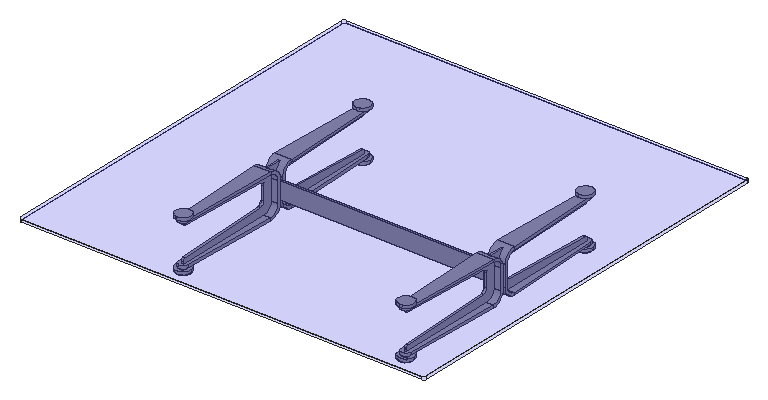
Revit family "Floyd Hi tavolino", category Arredi, Revit 2017
Family settings
  Numero OmniClass = 23.40.20.00
  Titolo OmniClass = General Furniture and Specialties
  Basato su piano di lavoro = No
  Sempre verticale = Sì
  Taglio con vuoti quando caricato = No
  Condiviso = No
  Punto di calcolo locali = No
Parameters (values of type "145x145")
  interasse gambe = 79.5 cm
  URL = "http://www.livingdivani.it"
  Modello = "Floyd Hi table 145x145"
  Mat. Struttura = Acciaio - Lucido
  Produttore = "LivingDivani"
  Mat. Piano = Vetro
  Lunghezza = 145 cm
  Larghezza = 145 cm
  Codice Prodotto = "FLHV145"
Types (5, lengths in cm): name | interasse gambe | Modello | Lunghezza | Larghezza | Codice Prodotto
  (no name) | 79.5 | "Floyd Hi table 145x145" | 145 | 145 | "FLHV145"
  160x160 | 79.5 | "Floyd Hi table 160x160" | 160 | 160 | "FLHV160"
  160x92 | 114 | "Floy Hi table 160x92" | 160 | 92 | "FLHV16092"
  145x145 | 79.5 | "Floyd Hi table 145x145" | 145 | 145 | "FLHV145"
  92x92 | 46 | "Floyd Hi table 92x92" | 92 | 92 | "FLHV092"
Reference planes (cm)
  plane 1 "Centro (Fronte/Retro)": y = 0
  plane 2: z = 0
  plane 3 "Centro (Sinistra/Destra)": x = 0
  plane 4 "diagonale": through (426.72, 29, 68) normal (0, 0.0613, -0.9981)
  plane 5 "gamba sx": x = -39.75
  plane 6 "gamba dx": x = 39.75
  plane 7 "sottopiano": z = 18.3
  plane 8: z = 19.5
  plane 9: z = 1.6
  plane 10: z = 1.1
  plane 11: z = 0.35
  plane 12: z = 17.5
  plane 13: z = 17
  plane 14: z = 12.3
  plane 15: z = 6.3
Forms (cm)
  Extrusion 1, solid, material "Acciaio - Lucido" <- "Mat. Struttura"
    sketch origin (0, 0, 0) x (1, 0, 0) y (0, 0, 1)
      loop
        line (-39.35, 12.3) -> (-39.35, 6.3) -> (39.35, 6.3) -> (39.35, 12.3) -> (-39.35, 12.3)
    from 0.4 to -0.4
  Extrusion 2, solid, material "Vetro" <- "Mat. Piano"
    sketch origin (0, 0, 18.3) x (0, -1, 0) y (1, 0, 0)
      loop
        arc (-72.5, -71.5) -> (-72.2071, -72.2071) -> (-71.5, -72.5) r 1
        line (-71.5, -72.5) -> (71.5, -72.5)
        arc (71.5, -72.5) -> (72.2071, -72.2071) -> (72.5, -71.5) r 1
        line (72.5, -71.5) -> (72.5, 71.5)
        arc (72.5, 71.5) -> (72.2071, 72.2071) -> (71.5, 72.5) r 1
        line (71.5, 72.5) -> (-71.5, 72.5)
        arc (-71.5, 72.5) -> (-72.2071, 72.2071) -> (-72.5, 71.5) r 1
        line (-72.5, 71.5) -> (-72.5, -71.5)
    from 1.2 to 0
Dimensions and locks (cm)
  equal spacing: plane 5 "gamba sx", plane 3 "Centro (Sinistra/Destra)", plane 6 "gamba dx"
  "interasse gambe": plane 5 "gamba sx" to plane 6 "gamba dx"
  equal spacing: Extrusion 2 sketch curve, plane 3 "Centro (Sinistra/Destra)", Extrusion 2 sketch curve
  equal spacing: Extrusion 2 sketch curve, plane 1 "Centro (Fronte/Retro)", Extrusion 2 sketch curve
  "Lunghezza": Extrusion 2 sketch curve to Extrusion 2 sketch curve
  "Larghezza": Extrusion 2 sketch curve to Extrusion 2 sketch curve
  aligned and locked: level to plane 2
  aligned and locked: plane 5 "gamba sx" to nested 1
  aligned and locked: plane 6 "gamba dx" to nested 2
  aligned and locked: Extrusion 1 sketch curve to plane 15
  aligned and locked: plane 14 to Extrusion 1 sketch curve
  aligned and locked: nested 1 to Extrusion 1 sketch curve
  aligned and locked: nested 2 to Extrusion 1 sketch curve
  aligned and locked: Extrusion 2 to plane 8
  aligned and locked: plane 7 "sottopiano" to Extrusion 2
Automatic sketch dimensions
  Extrusion 2 sketch curve to Extrusion 2 sketch curve = 1 cm  (x4)
Nested families (cm)
  nested 1: "gamba_Floyd Hi tavolino" at (-39.75, 0, 0), type "gamba_Floyd Hi tavolino"
  nested 2: "gamba_Floyd Hi tavolino" at (39.75, 0, 0), type "gamba_Floyd Hi tavolino"
Definition of nested family "gamba_Floyd Hi tavolino"
  Parameters (values of type "gamba_Floyd Hi tavolino")
    URL = "http://www.livingdivani.it"
    Model = "Maja D Armchair"
    Mat. Tessuto = none
    Mat. Struttura = none
    Manufacturer = "LivingDivani"
    Mat. Piano = none
    Codice Prodotto = "MAJVP058C\r\nMAJVP058C\r\nMAJVP058C"
  Reference planes (cm)
    plane 1 "Centro (Fronte/Retro)": y = 0
    plane 2: z = 0
    plane 3 "Centro (Sinistra/Destra)": x = 0
    plane 4 "diagonale": through (426.72, 29, 68) normal (0, 0.0613, -0.9981)
    plane 5 "sottopiano": z = 18.3
    plane 6: z = 19.5
    plane 7: y = 40
    plane 8: y = -40
    plane 9: z = 1.6
    plane 10: z = 1.1
    plane 11: z = 0.35
    plane 12: z = 17.5
    plane 13: z = 17
    plane 14: z = 12.3
    plane 15: z = 6.3
  Forms (cm)
    Sweep 1, solid, material <- "Mat. Struttura"
      path origin (0, 0, 0) x (0, 1, 0) y (0, 0, 1)
        loop
          line (-41.75, 1.6) -> (-4.6, 1.6)
          arc (-4.6, 1.6) -> (-1.7716, 2.7716) -> (-0.6, 5.6) r 4
          line (-0.6, 5.6) -> (-0.6, 13)
          arc (-0.6, 13) -> (-1.7716, 15.8284) -> (-4.6, 17) r 4
          line (-4.6, 17) -> (-41.75, 17)
      profile origin (0, -23.175, 17) x (0, 0, -1) y (1, 0, 0)
        loop
          line (0, -3) -> (0.8, -3) -> (0.8, 3) -> (0, 3) -> (0, -3)
    Extrusion 2, solid, material <- "Mat. Struttura"
      sketch origin (0, 0, 0) x (0, 1, 0) y (0, 0, 1)
        loop
          line (-41.75, 16.2) -> (-41.75, 2.4) -> (-4.6, 2.4)
          arc (-4.6, 2.4) -> (-2.3373, 3.3373) -> (-1.4, 5.6) r 3.2
          line (-1.4, 5.6) -> (-1.4, 13)
          arc (-1.4, 13) -> (-2.3373, 15.2627) -> (-4.6, 16.2) r 3.2
          line (-4.6, 16.2) -> (-41.75, 16.2)
      from 0.4 to -0.4
    Extrusion 3, solid, material <- "Mat. Struttura"
      sketch origin (0, 0, 0) x (0, 1, 0) y (0, 0, 1)
        loop
          arc (-2.6635, 16.5) -> (-1.1543, 15.0315) -> (-0.6, 13) r 4
          line (-0.6, 13) -> (-0.6, 5.6)
          arc (-0.6, 5.6) -> (-1.1543, 3.5685) -> (-2.6635, 2.1) r 4
          line (-2.6635, 2.1) -> (2.6635, 2.1)
          arc (2.6635, 2.1) -> (1.1543, 3.5685) -> (0.6, 5.6) r 4
          line (0.6, 5.6) -> (0.6, 13)
          arc (0.6, 13) -> (1.1543, 15.0315) -> (2.6635, 16.5) r 4
          line (2.6635, 16.5) -> (-2.6635, 16.5)
      from 0.4 to -0.4
    Extrusion 4, void
      sketch origin (-39.7559, 1119.1113, -19.5) x (0, 1, 0) y (0, 0, 1)
        loop
          line (-1159.3613, 35.7) -> (-1160.8613, 35.7) -> (-1160.8613, 21.9) -> (-1159.3613, 21.9) -> (-1159.3613, 22.682)
          arc (-1159.3613, 22.682) -> (-1159.1531, 23.2006) -> (-1158.644, 23.4313) r 0.75
          line (-1158.644, 23.4313) -> (-1124.946, 24.9)
          arc (-1124.946, 24.9) -> (-1123.9278, 25.3613) -> (-1123.5113, 26.3986) r 1.5
          line (-1123.5113, 26.3986) -> (-1123.5113, 31.2014)
          arc (-1123.5113, 31.2014) -> (-1123.9278, 32.2387) -> (-1124.946, 32.7) r 1.5
          line (-1124.946, 32.7) -> (-1158.644, 34.1687)
          arc (-1158.644, 34.1687) -> (-1159.1531, 34.3994) -> (-1159.3613, 34.918) r 0.75
          line (-1159.3613, 34.918) -> (-1159.3613, 35.7)
      from 55.8243 to 23.7799
    Extrusion 5, void
      sketch origin (56.9, 263.0626, 18.3) x (0, -1, 0) y (1, 0, 0)
        loop
          arc (303.1186, -55.1509) -> (304.8071, -56.9) -> (303.1186, -58.6491) r 1.7502
          line (303.1186, -58.6491) -> (267.6626, -59.9) -> (267.6626, -63.9) -> (307.6626, -63.9) -> (307.6626, -49.9) -> (267.6626, -49.9) -> (267.6626, -53.9) -> (303.1186, -55.1509)
      from -1.3 to -16.7
    Extrusion 6, solid, material <- "Mat. Struttura"
      sketch origin (39.7559, 0, 0) x (1, 0, 0) y (0, 1, 0)
        loop
          circle (-39.7559, -40) r 2.5
      from 0.35 to 0
    Extrusion 7, solid, material <- "Mat. Struttura"
      sketch origin (39.7559, 0, 0) x (1, 0, 0) y (0, 1, 0)
        loop
          circle (-39.7559, -40) r 2.75
      from 1.1 to 0.35
    Extrusion 8, solid, material <- "Mat. Struttura"
      sketch origin (39.7559, 0, 0) x (1, 0, 0) y (0, 1, 0)
        loop
          circle (-39.7559, -40) r 1.25
      from 1.6 to 1.1
    Extrusion 9, solid, material <- "Mat. Struttura"
      sketch origin (39.7559, 0, 18.3) x (0, -1, 0) y (1, 0, 0)
        loop
          circle (40, -39.7559) r 1.25
      from -0.8 to -1.3
    Extrusion 10, solid, material <- "Mat. Struttura"
      sketch origin (39.7559, 0, 18.3) x (0, -1, 0) y (1, 0, 0)
        loop
          circle (40, -39.7559) r 2.75
      from 0 to -0.8
    Sweep 11, solid, material <- "Mat. Struttura"
      path origin (0, 0, 0) x (0, 1, 0) y (0, 0, 1)
        loop
          line (41.75, 1.6) -> (4.6, 1.6)
          arc (4.6, 1.6) -> (1.7716, 2.7716) -> (0.6, 5.6) r 4
          line (0.6, 5.6) -> (0.6, 13)
          arc (0.6, 13) -> (1.7716, 15.8284) -> (4.6, 17) r 4
          line (4.6, 17) -> (41.75, 17)
      profile origin (0, 23.175, 17) x (0, 0, 1) y (1, 0, 0)
        loop
          line (0, -3) -> (0, 3) -> (-0.8, 3) -> (-0.8, -3) -> (0, -3)
    Extrusion 12, solid, material <- "Mat. Struttura"
      sketch origin (0, 0, 0) x (0, 1, 0) y (0, 0, 1)
        loop
          line (41.75, 16.2) -> (4.6, 16.2)
          arc (4.6, 16.2) -> (2.3373, 15.2627) -> (1.4, 13) r 3.2
          line (1.4, 13) -> (1.4, 5.6)
          arc (1.4, 5.6) -> (2.3373, 3.3373) -> (4.6, 2.4) r 3.2
          line (4.6, 2.4) -> (41.75, 2.4) -> (41.75, 16.2)
      from 0.4 to -0.4
    Extrusion 13, void
      sketch origin (-39.7559, -1119.1113, -19.5) x (0, -1, 0) y (0, 0, -1)
        loop
          line (-1159.3613, -35.7) -> (-1159.3613, -34.918)
          arc (-1159.3613, -34.918) -> (-1159.1531, -34.3994) -> (-1158.644, -34.1687) r 0.75
          line (-1158.644, -34.1687) -> (-1124.946, -32.7)
          arc (-1124.946, -32.7) -> (-1123.9278, -32.2387) -> (-1123.5113, -31.2014) r 1.5
          line (-1123.5113, -31.2014) -> (-1123.5113, -26.3986)
          arc (-1123.5113, -26.3986) -> (-1123.9278, -25.3613) -> (-1124.946, -24.9) r 1.5
          line (-1124.946, -24.9) -> (-1158.644, -23.4313)
          arc (-1158.644, -23.4313) -> (-1159.1531, -23.2006) -> (-1159.3613, -22.682) r 0.75
          line (-1159.3613, -22.682) -> (-1159.3613, -21.9) -> (-1160.8613, -21.9) -> (-1160.8613, -35.7) -> (-1159.3613, -35.7)
      from 58.8834 to 23.7799
    Extrusion 14, solid, material <- "Mat. Struttura"
      sketch origin (39.7559, 0, 0) x (1, 0, 0) y (0, 1, 0)
        loop
          circle (-39.7559, 40) r 2.5
      from 0.35 to 0
    Extrusion 15, solid, material <- "Mat. Struttura"
      sketch origin (39.7559, 0, 0) x (1, 0, 0) y (0, 1, 0)
        loop
          circle (-39.7559, 40) r 2.75
      from 1.1 to 0.35
    Extrusion 16, solid, material <- "Mat. Struttura"
      sketch origin (39.7559, 0, 0) x (1, 0, 0) y (0, 1, 0)
        loop
          circle (-39.7559, 40) r 1.25
      from 1.6 to 1.1
    Extrusion 17, solid, material <- "Mat. Struttura"
      sketch origin (39.7559, 0, 18.3) x (0, -1, 0) y (1, 0, 0)
        loop
          circle (-40, -39.7559) r 1.25
      from -0.8 to -1.3
    Extrusion 18, solid, material <- "Mat. Struttura"
      sketch origin (39.7559, 0, 18.3) x (0, 1, 0) y (-1, 0, 0)
        loop
          circle (40, 39.7559) r 2.75
      from 0 to -0.8
    Extrusion 19, void
      sketch origin (56.9, -263.0626, 18.3) x (0, 1, 0) y (-1, 0, 0)
        loop
          line (303.1186, 55.1509) -> (267.6626, 53.9) -> (267.6626, 49.9) -> (307.6626, 49.9) -> (307.6626, 63.9) -> (267.6626, 63.9) -> (267.6626, 59.9) -> (303.1186, 58.6491)
          arc (303.1186, 58.6491) -> (304.8071, 56.9) -> (303.1186, 55.1509) r 1.7502
      from -1.3 to -16.7
  Cuts and joins
    Extrusion 4, Extrusion 5, Extrusion 13, Extrusion 19 cuts Sweep 1
    Extrusion 4, Extrusion 13 cuts Extrusion 2
    Extrusion 13, Extrusion 19 cuts Sweep 11
    Extrusion 13 cuts Extrusion 12
  Dimensions and locks (cm)
    plane 8 to plane 1 "Centro (Fronte/Retro)" to plane 7 = 40 cm, 40 cm
    aligned and locked: level to plane 2
    aligned and locked: Extrusion 6 to level
    aligned and locked: Extrusion 6 to plane 11
    aligned and locked: plane 11 to Extrusion 7
    aligned and locked: Extrusion 7 to plane 10
    aligned and locked: plane 10 to Extrusion 8
    aligned and locked: Extrusion 8 to cut or joined group of Sweep 1, Extrusion 4, Extrusion 5, Extrusion 13, Extrusion 19
    aligned and locked: Extrusion 9 to cut or joined group of Sweep 1, Extrusion 4, Extrusion 5, Extrusion 13, Extrusion 19
    aligned and locked: Extrusion 9 to plane 12
    aligned and locked: Extrusion 10 to plane 5 "sottopiano"
    aligned and locked: plane 12 to Extrusion 10
